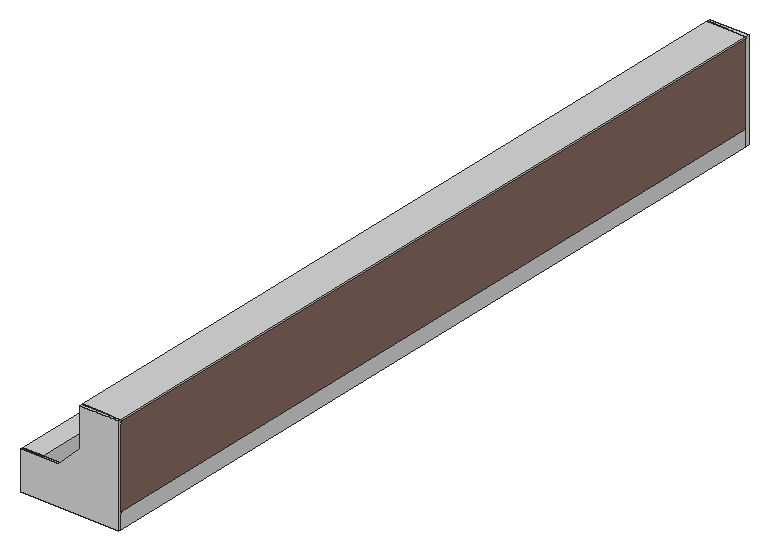
Revit family "MF_INSIDE CORNER 8'_1904140", category Generic Models, Revit 2018
Family settings
  Can host rebar = No
  Round Connector Dimension = Use Diameter
  Part Type = Normal
  OmniClass Number = 35.51.14.00
  OmniClass Title = FORMWORK
  Work Plane-Based = Yes
  Always vertical = No
  Cut with Voids When Loaded = No
  Shared = Yes
  Room Calculation Point = No
Parameters
  VERSION = "20190101"  # constant formula
  URL = "www.ulmaconstruction.com/en"
  UNICLASS = ""
  ITEM_CODE = "1904140"
  Manufacturer = "ULMA CONSTRUCTION"  # constant formula
  FILTER [instance] = ""
  Default Elevation = 0"
  CLASSIFICATION_TITLE = ""
  CLASSIFICATION_NUMBER = ""
Reference planes (in)
  plane 1 "Centro (Frontal/Posterior)": y = 0
  plane 2: z = 0
  plane 3 "Centro (Izquierda/Derecha)": x = 0
  plane 4 "ITEM_HEIGHT": y = 96
Forms (in)
  Extrusion 1, solid, material "ULMA ZINC", detail levels fine
    sketch origin (0, 0, 0) x (1, 0, 0) y (0, 0, 1)
      loop
        line (-4.72435, 12.03937) -> (-4.72435, 9.48036) -> (-2.3217, 9.48036)
        arc (-2.3217, 9.48036) -> (-2.19128, 9.51962) -> (-2.10421, 9.62434) r 0.23626
        line (-2.10421, 9.62434) -> (-1.98199, 9.9124)
        arc (-1.98199, 9.9124) -> (-1.94565, 9.95611) -> (-1.89123, 9.97249) r 0.09859
        line (-1.89123, 9.97249) -> (-1.27952, 9.97249)
        arc (-1.27952, 9.97249) -> (-1.20993, 9.94366) -> (-1.1811, 9.87406) r 0.09843
        line (-1.1811, 9.87406) -> (-1.1811, 9.61816)
        arc (-1.1811, 9.61816) -> (-1.14074, 9.52072) -> (-1.0433, 9.48036) r 0.1378
        line (-1.0433, 9.48036) -> (-0.7874, 9.48036) -> (-0.7874, 11.72966) -> (0, 11.72966) -> (0, 12.03937) -> (-4.72435, 12.03937)
    from -95.68504 to -0.31496
  Extrusion 2, solid, material "ULMA ZINC", detail levels fine
    sketch origin (0, 0, 0) x (0, 0, -1) y (1, 0, 0)
      loop
        line (-4.72435, -12.03937) -> (0, -12.03937) -> (0, -11.72966) -> (-0.7874, -11.72966) -> (-0.7874, -9.48036) -> (-1.0433, -9.48036)
        arc (-1.0433, -9.48036) -> (-1.14074, -9.52072) -> (-1.1811, -9.61816) r 0.1378
        line (-1.1811, -9.61816) -> (-1.1811, -9.87406)
        arc (-1.1811, -9.87406) -> (-1.20993, -9.94366) -> (-1.27952, -9.97249) r 0.09843
        line (-1.27952, -9.97249) -> (-1.89123, -9.97249)
        arc (-1.89123, -9.97249) -> (-1.94565, -9.95611) -> (-1.98199, -9.9124) r 0.09859
        line (-1.98199, -9.9124) -> (-2.10421, -9.62434)
        arc (-2.10421, -9.62434) -> (-2.19128, -9.51962) -> (-2.3217, -9.48036) r 0.23626
        line (-2.3217, -9.48036) -> (-4.72435, -9.48036) -> (-4.72435, -12.03937)
    from -95.68504 to -0.31496
  Extrusion 3, solid, material "ULMA ZINC", detail levels fine
    sketch origin (-28.44404, 13.1811, -5.83792) x (1, 0, 0) y (0, 0, 1)
      loop
        line (23.71963, 10.56227) -> (18.96368, 10.56227) -> (18.96368, 6.62526) -> (25.49127, 6.62526) -> (25.49127, 6.74343) -> (26.81801, 6.74343) -> (26.81801, 7.4639) -> (27.53853, 7.4639) -> (27.53853, 8.79068) -> (27.65664, 8.79068) -> (27.65664, 15.31828) -> (23.71963, 15.31828) -> (23.71963, 10.56227)
    from 0 to 2.3622
  Extrusion 4, solid, material "ULMA ZINC", detail levels fine
    sketch origin (-28.44404, 25.1811, -5.83792) x (1, 0, 0) y (0, 0, 1)
      loop
        line (23.71963, 10.56227) -> (18.96368, 10.56227) -> (18.96368, 6.62526) -> (25.49127, 6.62526) -> (25.49127, 6.74343) -> (26.81801, 6.74343) -> (26.81801, 7.4639) -> (27.53853, 7.4639) -> (27.53853, 8.79068) -> (27.65664, 8.79068) -> (27.65664, 15.31828) -> (23.71963, 15.31828) -> (23.71963, 10.56227)
    from 0 to 2.3622
  Extrusion 5, solid, material "ULMA ZINC", detail levels fine
    sketch origin (-28.44404, 37.1811, -5.83792) x (1, 0, 0) y (0, 0, 1)
      loop
        line (23.71963, 10.56227) -> (18.96368, 10.56227) -> (18.96368, 6.62526) -> (25.49127, 6.62526) -> (25.49127, 6.74343) -> (26.81801, 6.74343) -> (26.81801, 7.4639) -> (27.53853, 7.4639) -> (27.53853, 8.79068) -> (27.65664, 8.79068) -> (27.65664, 15.31828) -> (23.71963, 15.31828) -> (23.71963, 10.56227)
    from 0 to 2.3622
  Extrusion 6, solid, material "ULMA ZINC", detail levels fine
    sketch origin (-28.44404, 49.1811, -5.83792) x (1, 0, 0) y (0, 0, 1)
      loop
        line (23.71963, 10.56227) -> (18.96368, 10.56227) -> (18.96368, 6.62526) -> (25.49127, 6.62526) -> (25.49127, 6.74343) -> (26.81801, 6.74343) -> (26.81801, 7.4639) -> (27.53853, 7.4639) -> (27.53853, 8.79068) -> (27.65664, 8.79068) -> (27.65664, 15.31828) -> (23.71963, 15.31828) -> (23.71963, 10.56227)
    from 0 to 2.3622
  Extrusion 7, solid, material "ULMA ZINC", detail levels fine
    sketch origin (-28.44404, 61.1811, -5.83792) x (1, 0, 0) y (0, 0, 1)
      loop
        line (23.71963, 10.56227) -> (18.96368, 10.56227) -> (18.96368, 6.62526) -> (25.49127, 6.62526) -> (25.49127, 6.74343) -> (26.81801, 6.74343) -> (26.81801, 7.4639) -> (27.53853, 7.4639) -> (27.53853, 8.79068) -> (27.65664, 8.79068) -> (27.65664, 15.31828) -> (23.71963, 15.31828) -> (23.71963, 10.56227)
    from 0 to 2.3622
  Extrusion 8, solid, material "ULMA ZINC", detail levels fine
    sketch origin (-28.44404, 73.1811, -5.83792) x (1, 0, 0) y (0, 0, 1)
      loop
        line (23.71963, 10.56227) -> (18.96368, 10.56227) -> (18.96368, 6.62526) -> (25.49127, 6.62526) -> (25.49127, 6.74343) -> (26.81801, 6.74343) -> (26.81801, 7.4639) -> (27.53853, 7.4639) -> (27.53853, 8.79068) -> (27.65664, 8.79068) -> (27.65664, 15.31828) -> (23.71963, 15.31828) -> (23.71963, 10.56227)
    from 0 to 2.3622
  Extrusion 9, solid, material "ULMA ZINC", detail levels fine
    sketch origin (-28.44404, 85.1811, -5.83792) x (1, 0, 0) y (0, 0, 1)
      loop
        line (23.71963, 10.56227) -> (18.96368, 10.56227) -> (18.96368, 6.62526) -> (25.49127, 6.62526) -> (25.49127, 6.74343) -> (26.81801, 6.74343) -> (26.81801, 7.4639) -> (27.53853, 7.4639) -> (27.53853, 8.79068) -> (27.65664, 8.79068) -> (27.65664, 15.31828) -> (23.71963, 15.31828) -> (23.71963, 10.56227)
    from 0 to 2.3622
  Extrusion 10, solid, material "ULMA ZINC", detail levels fine
    sketch origin (0, 0, 0) x (1, 0, 0) y (0, 0, 1)
      loop
        line (0, 1.95053) -> (-0.7874, 1.95053) -> (-0.7874, 2.95276) -> (-0.90551, 2.95276) -> (-0.90551, 1.83242) -> (-0.11811, 1.83242) -> (-0.11811, 0.11811) -> (-1.83317, 0.11811) -> (-1.83317, 0.90551) -> (-2.95276, 0.90551) -> (-2.95276, 0.7874) -> (-1.95128, 0.7874) -> (-1.95128, 0) -> (0, 0) -> (0, 1.95053)
    from -95.68504 to -0.31496
  Extrusion 11, solid, material "ULMA ZINC", detail levels fine
    sketch origin (0, 0, 0) x (1, 0, 0) y (0, 0, 1)
      loop
        line (0, 12.03937) -> (-4.72441, 12.03937) -> (-4.72441, 7.31496) -> (-7.31502, 4.72435) -> (-12.03937, 4.72435) -> (-12.03937, 0) -> (0, 0) -> (0, 12.03937)
    from 0 to -0.31496
  Extrusion 12, solid, material "ULMA ZINC", detail levels fine
    sketch origin (0, 95.68504, 0) x (1, 0, 0) y (0, 0, 1)
      loop
        line (0, 12.03937) -> (-4.72441, 12.03937) -> (-4.72441, 7.31496) -> (-7.31502, 4.72435) -> (-12.03937, 4.72435) -> (-12.03937, 0) -> (0, 0) -> (0, 12.03937)
    from 0 to -0.31496
  Extrusion 13, solid, material "ULMA PLYWOOD", detail levels fine
    sketch origin (0, 0, 0) x (0, 1, 0) y (0, 0, 1)
      loop
        line (0.31496, 11.72966) -> (0.31496, 1.95053) -> (95.68504, 1.95053) -> (95.68504, 11.72966) -> (0.31496, 11.72966)
    from 0 to -0.7874
  Extrusion 14, solid, material "ULMA PLYWOOD", detail levels fine
    sketch origin (-13.68094, 0, 0.7874) x (1, 0, 0) y (0, 1, 0)
      loop
        line (11.72966, 0.31496) -> (11.72966, 95.68504) -> (1.95053, 95.68504) -> (1.95053, 0.31496) -> (11.72966, 0.31496)
    from 0 to -0.7874
  Extrusion 15, solid, material "ULMA ZINC", detail levels coarse+medium
    sketch origin (0, 0, 0) x (1, 0, 0) y (0, 0, 1)
      loop
        line (-12.03937, 0) -> (0, 0) -> (0, 12.03937) -> (-4.72441, 12.03937) -> (-4.72441, 4.72435) -> (-12.03937, 4.72435) -> (-12.03937, 0)
    from 0 to -96
  Extrusion 16, solid, material "ULMA ZINC", detail levels fine
    sketch origin (0, -90, 0) x (1, 0, 0) y (0, 1, 0)
      loop
        circle (-3.03931, 105) r 0.74803
    from 9.16539 to 9.48036
  Extrusion 17, solid, material "ULMA ZINC", detail levels fine
    sketch origin (-0.00006, -72, 0) x (1, 0, 0) y (0, 1, 0)
      loop
        circle (-3.03931, 105) r 0.74803
    from 9.16539 to 9.48036
  Extrusion 18, solid, material "ULMA ZINC", detail levels fine
    sketch origin (-0.00006, -42, 0) x (1, 0, 0) y (0, 1, 0)
      loop
        circle (-3.03931, 105) r 0.74803
    from 9.16539 to 9.48036
  Extrusion 19, solid, material "ULMA ZINC", detail levels fine
    sketch origin (-0.00006, -24, 0) x (1, 0, 0) y (0, 1, 0)
      loop
        circle (-3.03931, 105) r 0.74803
    from 9.16539 to 9.48036
  Extrusion 20, solid, material "ULMA ZINC", detail levels fine
    sketch origin (0, 0, 0) x (0, 1, 0) y (0, 0, 1)
      loop
        circle (81, 3.03937) r 0.74803
    from -9.48036 to -9.16535
  Extrusion 21, solid, material "ULMA ZINC", detail levels fine
    sketch origin (0, -18, 0) x (0, 1, 0) y (0, 0, 1)
      loop
        circle (81, 3.03937) r 0.74803
    from -9.48036 to -9.16535
  Extrusion 22, solid, material "ULMA ZINC", detail levels fine
    sketch origin (0, -48, 0) x (0, 1, 0) y (0, 0, 1)
      loop
        circle (81, 3.03937) r 0.74803
    from -9.48036 to -9.16535
  Extrusion 23, solid, material "ULMA ZINC", detail levels fine
    sketch origin (0, -66, 0) x (0, 1, 0) y (0, 0, 1)
      loop
        circle (81, 3.03937) r 0.74803
    from -9.48036 to -9.16535
  Extrusion 24, solid, material "ULMA ZINC", detail levels fine
    sketch origin (9.48031, 0, 0) x (1, 0, 0) y (0, 1, 0)
      loop
        line (-10.26772, 94.70079) -> (-10.26772, 95.68504) -> (-11.25197, 95.68504) -> (-11.25197, 94.70079) -> (-10.26772, 94.70079)
    from 2.95276 to 9.48036
  Extrusion 25, solid, material "ULMA ZINC", detail levels fine
    sketch origin (9.48031, -94.38583, 0) x (1, 0, 0) y (0, 1, 0)
      loop
        line (-10.26772, 94.70079) -> (-10.26772, 95.68504) -> (-11.25197, 95.68504) -> (-11.25197, 94.70079) -> (-10.26772, 94.70079)
    from 2.95276 to 9.48036
  Extrusion 26, solid, material "ULMA ZINC", detail levels fine
    sketch origin (0, 0, 0) x (0, 1, 0) y (0, 0, 1)
      loop
        line (1.29921, 1.77165) -> (0.31496, 1.77165) -> (0.31496, 0.7874) -> (1.29921, 0.7874) -> (1.29921, 1.77165)
    from -2.95276 to -9.48036
  Extrusion 27, solid, material "ULMA ZINC", detail levels fine
    sketch origin (0, 94.38583, 0) x (0, 1, 0) y (0, 0, 1)
      loop
        line (1.29921, 1.77165) -> (0.31496, 1.77165) -> (0.31496, 0.7874) -> (1.29921, 0.7874) -> (1.29921, 1.77165)
    from -2.95276 to -9.48036
Lines and regions (in)
  model lines, style "ULMA PANELS", detail levels fine
    curve 1: circle (-3.14961, 13.1811, 6.03932) r 0.40354 normal (0, -1, 0)
    curve 2: circle (-6.03937, 13.1811, 3.14955) r 0.40354 normal (0, -1, 0)
    curve 3: circle (-3.14961, 10.8189, 6.03932) r 0.40354 normal (0, -1, 0)
    curve 4: circle (-6.03937, 10.8189, 3.14955) r 0.40354 normal (0, -1, 0)
    curve 5: circle (-3.14961, 49.1811, 6.03932) r 0.40354 normal (0, -1, 0)
    curve 6: circle (-6.03937, 49.1811, 3.14955) r 0.40354 normal (0, -1, 0)
    curve 7: circle (-3.14961, 46.8189, 6.03932) r 0.40354 normal (0, -1, 0)
    curve 8: circle (-6.03937, 46.8189, 3.14955) r 0.40354 normal (0, -1, 0)
    curve 9: circle (-3.14961, 85.1811, 6.03932) r 0.40354 normal (0, -1, 0)
    curve 10: circle (-6.03937, 85.1811, 3.14955) r 0.40354 normal (0, -1, 0)
    curve 11: circle (-3.14961, 82.8189, 6.03932) r 0.40354 normal (0, -1, 0)
    curve 12: circle (-6.03937, 82.8189, 3.14955) r 0.40354 normal (0, -1, 0)
    curve 13: circle (-3.14961, 0, 6.03932) r 0.3937 normal (0, -1, 0)
    curve 14: circle (-6.03937, 0, 3.14955) r 0.3937 normal (0, -1, 0)
    curve 15: circle (-0.59055, 0, 0.59055) r 0.3937 normal (0, -1, 0)
    curve 16: circle (-3.14961, 96, 6.03932) r 0.3937 normal (0, -1, 0)
    curve 17: circle (-6.03937, 96, 3.14955) r 0.3937 normal (0, -1, 0)
    curve 18: circle (-0.59055, 96, 0.59055) r 0.3937 normal (0, -1, 0)
    curve 19: circle (-3.03931, 15, 12.03937) r 0.43307 normal (0, 0, 1)
    curve 20: circle (-3.03931, 15, 9.16539) r 0.43307 normal (0, 0, 1)
    curve 21: arc (-9.93307, 74.99606, 4.72435) -> (-10.75984, 75.82283, 4.72435) -> (-11.58661, 74.99606, 4.72435) r 0.82677
    curve 22: arc (-11.58661, 74.09055, 4.72435) -> (-10.75984, 73.26378, 4.72435) -> (-9.93307, 74.09055, 4.72435) r 0.82677
    curve 23: circle (-10.75984, 74.54331, 4.72435) r 0.82677 normal (0, 0, 1)
    curve 24: line (-11.58661, 74.99606, 4.72435) -> (-11.58661, 74.09055, 4.72435)
    curve 25: line (-9.93307, 74.99606, 4.72435) -> (-9.93307, 74.09055, 4.72435)
    curve 26: circle (-10.75984, 74.54331, 0) r 0.82677 normal (0, 0, 1)
    curve 27: arc (-9.93307, 21.90944, 4.72435) -> (-10.75984, 22.73621, 4.72435) -> (-11.58661, 21.90944, 4.72435) r 0.82677
    curve 28: arc (-11.58661, 21.00393, 4.72435) -> (-10.75984, 20.17716, 4.72435) -> (-9.93307, 21.00393, 4.72435) r 0.82677
    curve 29: circle (-10.75984, 21.45669, 4.72435) r 0.82677 normal (0, 0, 1)
    curve 30: line (-11.58661, 21.90944, 4.72435) -> (-11.58661, 21.00393, 4.72435)
    curve 31: line (-9.93307, 21.90944, 4.72435) -> (-9.93307, 21.00393, 4.72435)
    curve 32: circle (-10.75984, 21.45669, 0) r 0.82677 normal (0, 0, 1)
    curve 33: circle (-4.72441, 74.54331, 10.75984) r 0.82677 normal (1, 0, 0)
    curve 34: arc (-4.72441, 74.09055, 11.58661) -> (-4.72441, 73.26378, 10.75984) -> (-4.72441, 74.09055, 9.93307) r 0.82677
    curve 35: arc (-4.72441, 74.99606, 9.93307) -> (-4.72441, 75.82283, 10.75984) -> (-4.72441, 74.99606, 11.58661) r 0.82677
    curve 36: line (-4.72441, 74.99606, 11.58661) -> (-4.72441, 74.09055, 11.58661)
    curve 37: line (-4.72441, 74.99606, 9.93307) -> (-4.72441, 74.09055, 9.93307)
    curve 38: circle (0, 74.54331, 10.75984) r 0.82677 normal (1, 0, 0)
    curve 39: circle (-4.72441, 21.45669, 10.75984) r 0.82677 normal (1, 0, 0)
    curve 40: arc (-4.72441, 21.00394, 11.58661) -> (-4.72441, 20.17717, 10.75984) -> (-4.72441, 21.00394, 9.93307) r 0.82677
    curve 41: arc (-4.72441, 21.90945, 9.93307) -> (-4.72441, 22.73622, 10.75984) -> (-4.72441, 21.90945, 11.58661) r 0.82677
    curve 42: line (-4.72441, 21.90945, 11.58661) -> (-4.72441, 21.00394, 11.58661)
    curve 43: line (-4.72441, 21.90945, 9.93307) -> (-4.72441, 21.00394, 9.93307)
    curve 44: circle (0, 21.45669, 10.75984) r 0.82677 normal (1, 0, 0)
    curve 45: circle (-3.03937, 33, 12.03937) r 0.43307 normal (0, 0, 1)
    curve 46: circle (-3.03937, 33, 9.16539) r 0.43307 normal (0, 0, 1)
    curve 47: circle (-3.03937, 63, 12.03937) r 0.43307 normal (0, 0, 1)
    curve 48: circle (-3.03937, 63, 9.16539) r 0.43307 normal (0, 0, 1)
    curve 49: circle (-3.03937, 81, 12.03937) r 0.43307 normal (0, 0, 1)
    curve 50: circle (-3.03937, 81, 9.16539) r 0.43307 normal (0, 0, 1)
    curve 51: circle (-9.16535, 81, 3.03937) r 0.43307 normal (1, 0, 0)
    curve 52: circle (-9.16535, 63, 3.03937) r 0.43307 normal (1, 0, 0)
    curve 53: circle (-9.16535, 33, 3.03937) r 0.43307 normal (1, 0, 0)
    curve 54: circle (-9.16535, 15, 3.03937) r 0.43307 normal (1, 0, 0)
    curve 55: circle (-12.03937, 81, 3.03937) r 0.43307 normal (1, 0, 0)
    curve 56: circle (-12.03937, 63, 3.03937) r 0.43307 normal (1, 0, 0)
    curve 57: circle (-12.03937, 33, 3.03937) r 0.43307 normal (1, 0, 0)
    curve 58: circle (-12.03937, 15, 3.03937) r 0.43307 normal (1, 0, 0)
    curve 59: circle (-3.14961, 0.31496, 6.03932) r 0.3937 normal (0, -1, 0)
    curve 60: circle (-6.03937, 0.31496, 3.14955) r 0.3937 normal (0, -1, 0)
    curve 61: circle (-0.59055, 0.31496, 0.59055) r 0.3937 normal (0, -1, 0)
    curve 62: circle (-3.14961, 95.68504, 6.03932) r 0.3937 normal (0, -1, 0)
    curve 63: circle (-6.03937, 95.68504, 3.14955) r 0.3937 normal (0, -1, 0)
    curve 64: circle (-0.59055, 95.68504, 0.59055) r 0.3937 normal (0, -1, 0)
Dimensions and locks (in)
  aligned and locked: level to plane 2
